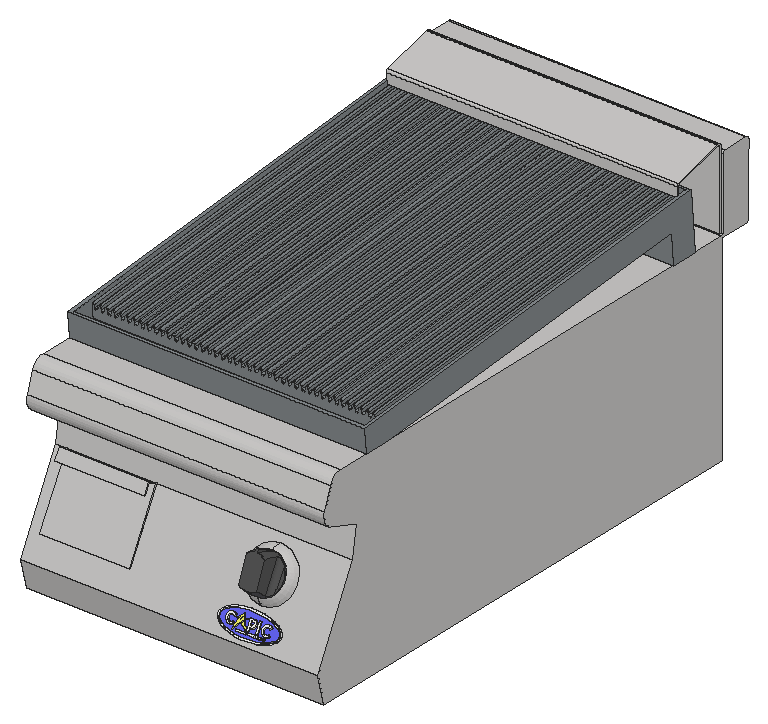
Revit family "QF_CAPIC_AVEN_W540912", category Equipement spécialisé, Revit 2018
Family settings
  Cote de connecteur circulaire = Utiliser le diamètre
  Type d'élément = Normal
  Numéro OmniClass = 23.40.40.14
  Titre OmniClass = Food Service Equipment
  Basée sur le plan de construction = Non
  Toujours verticalement = Oui
  Couper avec des vides une fois chargée = Non
  Partagée = Non
  Point de calcul de pièce = Non
Parameters (values of type "400 x 725 x 270 mm")
  URL catalogue = "http://www.capic-fr.com/fr/"
  Type de Raccord Plomberie [instance] = ""
  Type de Raccord Electrique [instance] = ""
  Type de Gaz = ""
  Type article [instance] = ""
  Tension = 0 V
  Spécification du Fabricant = ""
  Show Logo = yes
  Remarques evacuation [instance] = ""
  Remarques Plomberie [instance] = ""
  Remarques Electricité [instance] = ""
  Puissance électrique  = 0 W
  Puissance Gaz kW = 8
  Profondeur hors tout = 725 mm
  Pression Maximum Eau Adoucie = 0.0 Pa
  Poids net à vide = 54.00 kg
  Phase = 0
  Modèle = "W540912"
  Longueur hors tout = 400 mm
  Intensité nominale = 0 A
  Hauteur hors tout = 390 mm
  Hauteur de Raccordement du Sol Finis = 0 mm
  Hauteur de Raccordement Gaz du Sol Finis = 691 mm
  Hauteur de Raccordement Evacuation Directe du Sol Finis = 0 mm
  Hauteur de Raccordement Eau Froide du Sol Finis = 0 mm
  Hauteur de Raccordement Eau Chaude du Sol Finis = 0 mm
  Hauteur de Raccordement Eau Adoucie du Sol Finis = 0 mm
  Fréquence = 0 Hz
  Fabricant = "CAPIC"
  Débit d'air d'extraction = 0.0 m³/h
  Débit Gaz = 0.0 L/s
  Débit Eau Froide = 0.0 L/s
  Débit Eau Chaude = 0.0 L/s
  Débit Eau Adoucie = 0.0 L/s
  Diamètre de Raccordement Gaz = 15 mm
  Diamètre de Raccordement Evacuation = 0 mm
  Diamètre de Raccordement Eau Froide = 0 mm
  Diamètre de Raccordement Eau Chaude = 0 mm
  Diamètre de Raccordement Eau Adoucie = 0 mm
  Description = "Grill fonte nervuré"
  Assembly Code = ""
  Classification  Omniclass nombre et titre = "23.40.40.14"
Reference planes
  plane 1 "Centre (avant/arrière)": y = 0
  plane 2: z = 0
  plane 3 "Centre (gauche/droite)": x = 0
  plane 4: x = 400
Forms (mm)
  Extrusion 1, solid, material "QF_Stainless Steel-Brushed"
    sketch origin (0, -45.05, 638) x (0, 1, 0) y (0, 0, 1)
      loop
        line (1.05, 270.397) -> (-641.347, 270.397)
        arc (-641.347, 270.397) -> (-651.671, 267.142) -> (-658.261, 258.553) r 18
        line (-658.261, 258.553) -> (-667.837, 232.245)
        arc (-667.837, 232.245) -> (-667.236, 218.482) -> (-657.078, 209.174) r 18
        line (-657.078, 209.174) -> (-613.251, 193.222) -> (-619.754, 152.161) -> (-680.074, 38.717) -> (-668.972, 0) -> (0, 0) -> (0, 268.397) -> (42.05, 268.397) -> (44.05, 270.397) -> (44.05, 356.397) -> (45.05, 356.397) -> (45.05, 368.397)
        arc (45.05, 368.397) -> (43.878, 371.225) -> (41.05, 372.397) r 4
        line (41.05, 372.397) -> (7.05, 372.397)
        arc (7.05, 372.397) -> (4.222, 371.225) -> (3.05, 368.397) r 4
        line (3.05, 368.397) -> (3.05, 272.397)
        arc (3.05, 272.397) -> (2.464, 270.983) -> (1.05, 270.397) r 2
    from 0 to 400
  Extrusion 2, solid, material "QF_Cast Iron"
    sketch origin (0, 258.019, -182.231) x (0, 0.996195, 0.087156) y (0, -0.087156, 0.996195)
      loop
        line (-251.64, 1196.809) -> (-801.64, 1196.809) -> (-801.64, 1164.928) -> (-765.992, 1161.809) -> (-286.64, 1161.809) -> (-286.64, 1119.871) -> (-251.64, 1116.809) -> (-251.64, 1196.809)
    from 0 to 400
  Extrusion 3, void
    sketch origin (0, 258.019, -182.231) x (0, 0.996195, 0.087156) y (0, -0.087156, 0.996195)
      loop
        line (-255.64, 1196.809) -> (-797.64, 1196.809) -> (-797.64, 1171.809) -> (-255.64, 1171.809) -> (-255.64, 1196.809)
    from 4 to 396
  Extrusion 4, solid, material "QF_Cast Iron"
    sketch origin (0, 258.019, -182.231) x (1, 0, 0) y (0, -0.087156, 0.996195)
      loop
        line (4, 1171.809) -> (396, 1171.809) -> (396, 1191.809) -> (393, 1191.809)
        arc (393, 1191.809) -> (391.586, 1191.223) -> (391, 1189.809) r 2
        line (391, 1189.809) -> (391, 1186.809)
        arc (391, 1186.809) -> (390.414, 1185.395) -> (389, 1184.809) r 2
        line (389, 1184.809) -> (388, 1184.809)
        arc (388, 1184.809) -> (386.586, 1185.395) -> (386, 1186.809) r 2
        line (386, 1186.809) -> (386, 1189.809)
        arc (386, 1189.809) -> (385.414, 1191.223) -> (384, 1191.809) r 2
        arc (384, 1191.809) -> (382.586, 1191.223) -> (382, 1189.809) r 2
        line (382, 1189.809) -> (382, 1186.809)
        arc (382, 1186.809) -> (381.414, 1185.395) -> (380, 1184.809) r 2
        line (380, 1184.809) -> (379, 1184.809)
        arc (379, 1184.809) -> (377.586, 1185.395) -> (377, 1186.809) r 2
        line (377, 1186.809) -> (377, 1189.809)
        arc (377, 1189.809) -> (376.414, 1191.223) -> (375, 1191.809) r 2
        arc (375, 1191.809) -> (373.586, 1191.223) -> (373, 1189.809) r 2
        line (373, 1189.809) -> (373, 1186.809)
        arc (373, 1186.809) -> (372.414, 1185.395) -> (371, 1184.809) r 2
        line (371, 1184.809) -> (370, 1184.809)
        arc (370, 1184.809) -> (368.586, 1185.395) -> (368, 1186.809) r 2
        line (368, 1186.809) -> (368, 1189.809)
        arc (368, 1189.809) -> (367.414, 1191.223) -> (366, 1191.809) r 2
        arc (366, 1191.809) -> (364.586, 1191.223) -> (364, 1189.809) r 2
        line (364, 1189.809) -> (364, 1186.809)
        arc (364, 1186.809) -> (363.414, 1185.395) -> (362, 1184.809) r 2
        line (362, 1184.809) -> (361, 1184.809)
        arc (361, 1184.809) -> (359.586, 1185.395) -> (359, 1186.809) r 2
        line (359, 1186.809) -> (359, 1189.809)
        arc (359, 1189.809) -> (358.414, 1191.223) -> (357, 1191.809) r 2
        arc (357, 1191.809) -> (355.586, 1191.223) -> (355, 1189.809) r 2
        line (355, 1189.809) -> (355, 1186.809)
        arc (355, 1186.809) -> (354.414, 1185.395) -> (353, 1184.809) r 2
        line (353, 1184.809) -> (352, 1184.809)
        arc (352, 1184.809) -> (350.586, 1185.395) -> (350, 1186.809) r 2
        line (350, 1186.809) -> (350, 1189.809)
        arc (350, 1189.809) -> (349.414, 1191.223) -> (348, 1191.809) r 2
        arc (348, 1191.809) -> (346.586, 1191.223) -> (346, 1189.809) r 2
        line (346, 1189.809) -> (346, 1186.809)
        arc (346, 1186.809) -> (345.414, 1185.395) -> (344, 1184.809) r 2
        line (344, 1184.809) -> (343, 1184.809)
        arc (343, 1184.809) -> (341.586, 1185.395) -> (341, 1186.809) r 2
        line (341, 1186.809) -> (341, 1189.809)
        arc (341, 1189.809) -> (340.414, 1191.223) -> (339, 1191.809) r 2
        arc (339, 1191.809) -> (337.586, 1191.223) -> (337, 1189.809) r 2
        line (337, 1189.809) -> (337, 1186.809)
        arc (337, 1186.809) -> (336.414, 1185.395) -> (335, 1184.809) r 2
        line (335, 1184.809) -> (334, 1184.809)
        arc (334, 1184.809) -> (332.586, 1185.395) -> (332, 1186.809) r 2
        line (332, 1186.809) -> (332, 1189.809)
        arc (332, 1189.809) -> (331.414, 1191.223) -> (330, 1191.809) r 2
        arc (330, 1191.809) -> (328.586, 1191.223) -> (328, 1189.809) r 2
        line (328, 1189.809) -> (328, 1186.809)
        arc (328, 1186.809) -> (327.414, 1185.395) -> (326, 1184.809) r 2
        line (326, 1184.809) -> (325, 1184.809)
        arc (325, 1184.809) -> (323.586, 1185.395) -> (323, 1186.809) r 2
        line (323, 1186.809) -> (323, 1189.809)
        arc (323, 1189.809) -> (322.414, 1191.223) -> (321, 1191.809) r 2
        arc (321, 1191.809) -> (319.586, 1191.223) -> (319, 1189.809) r 2
        line (319, 1189.809) -> (319, 1186.809)
        arc (319, 1186.809) -> (318.414, 1185.395) -> (317, 1184.809) r 2
        line (317, 1184.809) -> (316, 1184.809)
        arc (316, 1184.809) -> (314.586, 1185.395) -> (314, 1186.809) r 2
        line (314, 1186.809) -> (314, 1189.809)
        arc (314, 1189.809) -> (313.414, 1191.223) -> (312, 1191.809) r 2
        arc (312, 1191.809) -> (310.586, 1191.223) -> (310, 1189.809) r 2
        line (310, 1189.809) -> (310, 1186.809)
        arc (310, 1186.809) -> (309.414, 1185.395) -> (308, 1184.809) r 2
        line (308, 1184.809) -> (307, 1184.809)
        arc (307, 1184.809) -> (305.586, 1185.395) -> (305, 1186.809) r 2
        line (305, 1186.809) -> (305, 1189.809)
        arc (305, 1189.809) -> (304.414, 1191.223) -> (303, 1191.809) r 2
        arc (303, 1191.809) -> (301.586, 1191.223) -> (301, 1189.809) r 2
        line (301, 1189.809) -> (301, 1186.809)
        arc (301, 1186.809) -> (300.414, 1185.395) -> (299, 1184.809) r 2
        line (299, 1184.809) -> (298, 1184.809)
        arc (298, 1184.809) -> (296.586, 1185.395) -> (296, 1186.809) r 2
        line (296, 1186.809) -> (296, 1189.809)
        arc (296, 1189.809) -> (295.414, 1191.223) -> (294, 1191.809) r 2
        arc (294, 1191.809) -> (292.586, 1191.223) -> (292, 1189.809) r 2
        line (292, 1189.809) -> (292, 1186.809)
        arc (292, 1186.809) -> (291.414, 1185.395) -> (290, 1184.809) r 2
        line (290, 1184.809) -> (289, 1184.809)
        arc (289, 1184.809) -> (287.586, 1185.395) -> (287, 1186.809) r 2
        line (287, 1186.809) -> (287, 1189.809)
        arc (287, 1189.809) -> (286.414, 1191.223) -> (285, 1191.809) r 2
        arc (285, 1191.809) -> (283.586, 1191.223) -> (283, 1189.809) r 2
        line (283, 1189.809) -> (283, 1186.809)
        arc (283, 1186.809) -> (282.414, 1185.395) -> (281, 1184.809) r 2
        line (281, 1184.809) -> (280, 1184.809)
        arc (280, 1184.809) -> (278.586, 1185.395) -> (278, 1186.809) r 2
        line (278, 1186.809) -> (278, 1189.809)
        arc (278, 1189.809) -> (277.414, 1191.223) -> (276, 1191.809) r 2
        arc (276, 1191.809) -> (274.586, 1191.223) -> (274, 1189.809) r 2
        line (274, 1189.809) -> (274, 1186.809)
        arc (274, 1186.809) -> (273.414, 1185.395) -> (272, 1184.809) r 2
        line (272, 1184.809) -> (271, 1184.809)
        arc (271, 1184.809) -> (269.586, 1185.395) -> (269, 1186.809) r 2
        line (269, 1186.809) -> (269, 1189.809)
        arc (269, 1189.809) -> (268.414, 1191.223) -> (267, 1191.809) r 2
        arc (267, 1191.809) -> (265.586, 1191.223) -> (265, 1189.809) r 2
        line (265, 1189.809) -> (265, 1186.809)
        arc (265, 1186.809) -> (264.414, 1185.395) -> (263, 1184.809) r 2
        line (263, 1184.809) -> (262, 1184.809)
        arc (262, 1184.809) -> (260.586, 1185.395) -> (260, 1186.809) r 2
        line (260, 1186.809) -> (260, 1189.809)
        arc (260, 1189.809) -> (259.414, 1191.223) -> (258, 1191.809) r 2
        arc (258, 1191.809) -> (256.586, 1191.223) -> (256, 1189.809) r 2
        line (256, 1189.809) -> (256, 1186.809)
        arc (256, 1186.809) -> (255.414, 1185.395) -> (254, 1184.809) r 2
        line (254, 1184.809) -> (253, 1184.809)
        arc (253, 1184.809) -> (251.586, 1185.395) -> (251, 1186.809) r 2
        line (251, 1186.809) -> (251, 1189.809)
        arc (251, 1189.809) -> (250.414, 1191.223) -> (249, 1191.809) r 2
        arc (249, 1191.809) -> (247.586, 1191.223) -> (247, 1189.809) r 2
        line (247, 1189.809) -> (247, 1186.809)
        arc (247, 1186.809) -> (246.414, 1185.395) -> (245, 1184.809) r 2
        line (245, 1184.809) -> (244, 1184.809)
        arc (244, 1184.809) -> (242.586, 1185.395) -> (242, 1186.809) r 2
        line (242, 1186.809) -> (242, 1189.809)
        arc (242, 1189.809) -> (241.414, 1191.223) -> (240, 1191.809) r 2
        arc (240, 1191.809) -> (238.586, 1191.223) -> (238, 1189.809) r 2
        line (238, 1189.809) -> (238, 1186.809)
        arc (238, 1186.809) -> (237.414, 1185.395) -> (236, 1184.809) r 2
        line (236, 1184.809) -> (235, 1184.809)
        arc (235, 1184.809) -> (233.586, 1185.395) -> (233, 1186.809) r 2
        line (233, 1186.809) -> (233, 1189.809)
        arc (233, 1189.809) -> (232.414, 1191.223) -> (231, 1191.809) r 2
        arc (231, 1191.809) -> (229.586, 1191.223) -> (229, 1189.809) r 2
        line (229, 1189.809) -> (229, 1186.809)
        arc (229, 1186.809) -> (228.414, 1185.395) -> (227, 1184.809) r 2
        line (227, 1184.809) -> (226, 1184.809)
        arc (226, 1184.809) -> (224.586, 1185.395) -> (224, 1186.809) r 2
        line (224, 1186.809) -> (224, 1189.809)
        arc (224, 1189.809) -> (223.414, 1191.223) -> (222, 1191.809) r 2
        arc (222, 1191.809) -> (220.586, 1191.223) -> (220, 1189.809) r 2
        line (220, 1189.809) -> (220, 1186.809)
        arc (220, 1186.809) -> (219.414, 1185.395) -> (218, 1184.809) r 2
        line (218, 1184.809) -> (217, 1184.809)
        arc (217, 1184.809) -> (215.586, 1185.395) -> (215, 1186.809) r 2
        line (215, 1186.809) -> (215, 1189.809)
        arc (215, 1189.809) -> (214.414, 1191.223) -> (213, 1191.809) r 2
        arc (213, 1191.809) -> (211.586, 1191.223) -> (211, 1189.809) r 2
        line (211, 1189.809) -> (211, 1186.809)
        arc (211, 1186.809) -> (210.414, 1185.395) -> (209, 1184.809) r 2
        line (209, 1184.809) -> (208, 1184.809)
        arc (208, 1184.809) -> (206.586, 1185.395) -> (206, 1186.809) r 2
        line (206, 1186.809) -> (206, 1189.809)
        arc (206, 1189.809) -> (205.414, 1191.223) -> (204, 1191.809) r 2
        arc (204, 1191.809) -> (202.586, 1191.223) -> (202, 1189.809) r 2
        line (202, 1189.809) -> (202, 1186.809)
        arc (202, 1186.809) -> (201.414, 1185.395) -> (200, 1184.809) r 2
        line (200, 1184.809) -> (199, 1184.809)
        arc (199, 1184.809) -> (197.586, 1185.395) -> (197, 1186.809) r 2
        line (197, 1186.809) -> (197, 1189.809)
        arc (197, 1189.809) -> (196.414, 1191.223) -> (195, 1191.809) r 2
        arc (195, 1191.809) -> (193.586, 1191.223) -> (193, 1189.809) r 2
        line (193, 1189.809) -> (193, 1186.809)
        arc (193, 1186.809) -> (192.414, 1185.395) -> (191, 1184.809) r 2
        line (191, 1184.809) -> (190, 1184.809)
        arc (190, 1184.809) -> (188.586, 1185.395) -> (188, 1186.809) r 2
        line (188, 1186.809) -> (188, 1189.809)
        arc (188, 1189.809) -> (187.414, 1191.223) -> (186, 1191.809) r 2
        arc (186, 1191.809) -> (184.586, 1191.223) -> (184, 1189.809) r 2
        line (184, 1189.809) -> (184, 1186.809)
        arc (184, 1186.809) -> (183.414, 1185.395) -> (182, 1184.809) r 2
        line (182, 1184.809) -> (181, 1184.809)
        arc (181, 1184.809) -> (179.586, 1185.395) -> (179, 1186.809) r 2
        line (179, 1186.809) -> (179, 1189.809)
        arc (179, 1189.809) -> (178.414, 1191.223) -> (177, 1191.809) r 2
        arc (177, 1191.809) -> (175.586, 1191.223) -> (175, 1189.809) r 2
        line (175, 1189.809) -> (175, 1186.809)
        arc (175, 1186.809) -> (174.414, 1185.395) -> (173, 1184.809) r 2
        line (173, 1184.809) -> (172, 1184.809)
        arc (172, 1184.809) -> (170.586, 1185.395) -> (170, 1186.809) r 2
        line (170, 1186.809) -> (170, 1189.809)
        arc (170, 1189.809) -> (169.414, 1191.223) -> (168, 1191.809) r 2
        arc (168, 1191.809) -> (166.586, 1191.223) -> (166, 1189.809) r 2
        line (166, 1189.809) -> (166, 1186.809)
        arc (166, 1186.809) -> (165.414, 1185.395) -> (164, 1184.809) r 2
        line (164, 1184.809) -> (163, 1184.809)
        arc (163, 1184.809) -> (161.586, 1185.395) -> (161, 1186.809) r 2
        line (161, 1186.809) -> (161, 1189.809)
        arc (161, 1189.809) -> (160.414, 1191.223) -> (159, 1191.809) r 2
        arc (159, 1191.809) -> (157.586, 1191.223) -> (157, 1189.809) r 2
        line (157, 1189.809) -> (157, 1186.809)
        arc (157, 1186.809) -> (156.414, 1185.395) -> (155, 1184.809) r 2
        line (155, 1184.809) -> (154, 1184.809)
        arc (154, 1184.809) -> (152.586, 1185.395) -> (152, 1186.809) r 2
        line (152, 1186.809) -> (152, 1189.809)
        arc (152, 1189.809) -> (151.414, 1191.223) -> (150, 1191.809) r 2
        arc (150, 1191.809) -> (148.586, 1191.223) -> (148, 1189.809) r 2
        line (148, 1189.809) -> (148, 1186.809)
        arc (148, 1186.809) -> (147.414, 1185.395) -> (146, 1184.809) r 2
        line (146, 1184.809) -> (145, 1184.809)
        arc (145, 1184.809) -> (143.586, 1185.395) -> (143, 1186.809) r 2
        line (143, 1186.809) -> (143, 1189.809)
        arc (143, 1189.809) -> (142.414, 1191.223) -> (141, 1191.809) r 2
        arc (141, 1191.809) -> (139.586, 1191.223) -> (139, 1189.809) r 2
        line (139, 1189.809) -> (139, 1186.809)
        arc (139, 1186.809) -> (138.414, 1185.395) -> (137, 1184.809) r 2
        line (137, 1184.809) -> (136, 1184.809)
        arc (136, 1184.809) -> (134.586, 1185.395) -> (134, 1186.809) r 2
        line (134, 1186.809) -> (134, 1189.809)
        arc (134, 1189.809) -> (133.414, 1191.223) -> (132, 1191.809) r 2
        arc (132, 1191.809) -> (130.586, 1191.223) -> (130, 1189.809) r 2
        line (130, 1189.809) -> (130, 1186.809)
        arc (130, 1186.809) -> (129.414, 1185.395) -> (128, 1184.809) r 2
        line (128, 1184.809) -> (127, 1184.809)
        arc (127, 1184.809) -> (125.586, 1185.395) -> (125, 1186.809) r 2
        line (125, 1186.809) -> (125, 1189.809)
        arc (125, 1189.809) -> (124.414, 1191.223) -> (123, 1191.809) r 2
        arc (123, 1191.809) -> (121.586, 1191.223) -> (121, 1189.809) r 2
        line (121, 1189.809) -> (121, 1186.809)
        arc (121, 1186.809) -> (120.414, 1185.395) -> (119, 1184.809) r 2
        line (119, 1184.809) -> (118, 1184.809)
        arc (118, 1184.809) -> (116.586, 1185.395) -> (116, 1186.809) r 2
        line (116, 1186.809) -> (116, 1189.809)
        arc (116, 1189.809) -> (115.414, 1191.223) -> (114, 1191.809) r 2
        arc (114, 1191.809) -> (112.586, 1191.223) -> (112, 1189.809) r 2
        line (112, 1189.809) -> (112, 1186.809)
        arc (112, 1186.809) -> (111.414, 1185.395) -> (110, 1184.809) r 2
        line (110, 1184.809) -> (109, 1184.809)
        arc (109, 1184.809) -> (107.586, 1185.395) -> (107, 1186.809) r 2
        line (107, 1186.809) -> (107, 1189.809)
        arc (107, 1189.809) -> (106.414, 1191.223) -> (105, 1191.809) r 2
        arc (105, 1191.809) -> (103.586, 1191.223) -> (103, 1189.809) r 2
        line (103, 1189.809) -> (103, 1186.809)
        arc (103, 1186.809) -> (102.414, 1185.395) -> (101, 1184.809) r 2
        line (101, 1184.809) -> (100, 1184.809)
        arc (100, 1184.809) -> (98.586, 1185.395) -> (98, 1186.809) r 2
        line (98, 1186.809) -> (98, 1189.809)
        arc (98, 1189.809) -> (97.414, 1191.223) -> (96, 1191.809) r 2
        arc (96, 1191.809) -> (94.586, 1191.223) -> (94, 1189.809) r 2
        line (94, 1189.809) -> (94, 1186.809)
        arc (94, 1186.809) -> (93.414, 1185.395) -> (92, 1184.809) r 2
        line (92, 1184.809) -> (91, 1184.809)
        arc (91, 1184.809) -> (89.586, 1185.395) -> (89, 1186.809) r 2
        line (89, 1186.809) -> (89, 1189.809)
        arc (89, 1189.809) -> (88.414, 1191.223) -> (87, 1191.809) r 2
        arc (87, 1191.809) -> (85.586, 1191.223) -> (85, 1189.809) r 2
        line (85, 1189.809) -> (85, 1186.809)
        arc (85, 1186.809) -> (84.414, 1185.395) -> (83, 1184.809) r 2
        line (83, 1184.809) -> (82, 1184.809)
        arc (82, 1184.809) -> (80.586, 1185.395) -> (80, 1186.809) r 2
        line (80, 1186.809) -> (80, 1189.809)
        arc (80, 1189.809) -> (79.414, 1191.223) -> (78, 1191.809) r 2
        arc (78, 1191.809) -> (76.586, 1191.223) -> (76, 1189.809) r 2
        line (76, 1189.809) -> (76, 1186.809)
        arc (76, 1186.809) -> (75.414, 1185.395) -> (74, 1184.809) r 2
        line (74, 1184.809) -> (73, 1184.809)
        arc (73, 1184.809) -> (71.586, 1185.395) -> (71, 1186.809) r 2
        line (71, 1186.809) -> (71, 1189.809)
        arc (71, 1189.809) -> (70.414, 1191.223) -> (69, 1191.809) r 2
        arc (69, 1191.809) -> (67.586, 1191.223) -> (67, 1189.809) r 2
        line (67, 1189.809) -> (67, 1186.809)
        arc (67, 1186.809) -> (66.414, 1185.395) -> (65, 1184.809) r 2
        line (65, 1184.809) -> (64, 1184.809)
        arc (64, 1184.809) -> (62.586, 1185.395) -> (62, 1186.809) r 2
        line (62, 1186.809) -> (62, 1189.809)
        arc (62, 1189.809) -> (61.414, 1191.223) -> (60, 1191.809) r 2
        arc (60, 1191.809) -> (58.586, 1191.223) -> (58, 1189.809) r 2
        line (58, 1189.809) -> (58, 1186.809)
        arc (58, 1186.809) -> (57.414, 1185.395) -> (56, 1184.809) r 2
        line (56, 1184.809) -> (55, 1184.809)
        arc (55, 1184.809) -> (53.586, 1185.395) -> (53, 1186.809) r 2
        line (53, 1186.809) -> (53, 1189.809)
        arc (53, 1189.809) -> (52.414, 1191.223) -> (51, 1191.809) r 2
        arc (51, 1191.809) -> (49.586, 1191.223) -> (49, 1189.809) r 2
        line (49, 1189.809) -> (49, 1186.809)
        arc (49, 1186.809) -> (48.414, 1185.395) -> (47, 1184.809) r 2
        line (47, 1184.809) -> (46, 1184.809)
        arc (46, 1184.809) -> (44.586, 1185.395) -> (44, 1186.809) r 2
        line (44, 1186.809) -> (44, 1189.809)
        arc (44, 1189.809) -> (43.414, 1191.223) -> (42, 1191.809) r 2
        arc (42, 1191.809) -> (40.586, 1191.223) -> (40, 1189.809) r 2
        line (40, 1189.809) -> (40, 1186.809)
        arc (40, 1186.809) -> (39.414, 1185.395) -> (38, 1184.809) r 2
        line (38, 1184.809) -> (37, 1184.809)
        arc (37, 1184.809) -> (35.586, 1185.395) -> (35, 1186.809) r 2
        line (35, 1186.809) -> (35, 1189.809)
        arc (35, 1189.809) -> (34.414, 1191.223) -> (33, 1191.809) r 2
        arc (33, 1191.809) -> (31.586, 1191.223) -> (31, 1189.809) r 2
        line (31, 1189.809) -> (31, 1186.809)
        arc (31, 1186.809) -> (30.414, 1185.395) -> (29, 1184.809) r 2
        line (29, 1184.809) -> (28, 1184.809)
        arc (28, 1184.809) -> (26.586, 1185.395) -> (26, 1186.809) r 2
        line (26, 1186.809) -> (26, 1189.809)
        arc (26, 1189.809) -> (25.414, 1191.223) -> (24, 1191.809) r 2
        arc (24, 1191.809) -> (22.586, 1191.223) -> (22, 1189.809) r 2
        line (22, 1189.809) -> (22, 1186.809)
        arc (22, 1186.809) -> (21.414, 1185.395) -> (20, 1184.809) r 2
        line (20, 1184.809) -> (19, 1184.809)
        arc (19, 1184.809) -> (17.586, 1185.395) -> (17, 1186.809) r 2
        line (17, 1186.809) -> (17, 1189.809)
        arc (17, 1189.809) -> (16.414, 1191.223) -> (15, 1191.809) r 2
        arc (15, 1191.809) -> (13.586, 1191.223) -> (13, 1189.809) r 2
        line (13, 1189.809) -> (13, 1186.809)
        arc (13, 1186.809) -> (12.414, 1185.395) -> (11, 1184.809) r 2
        line (11, 1184.809) -> (10, 1184.809)
        arc (10, 1184.809) -> (8.586, 1185.395) -> (8, 1186.809) r 2
        line (8, 1186.809) -> (8, 1189.809)
        arc (8, 1189.809) -> (7.414, 1191.223) -> (6, 1191.809) r 2
        line (6, 1191.809) -> (4, 1191.809) -> (4, 1171.809)
    from 255.64 to 767.481
  Extrusion 5, solid, material "QF_Stainless Steel-Brushed"
    sketch origin (0, 0, 0) x (0, 1, 0) y (0, 0, 1)
      loop
        line (-664.804, 790.161) -> (-678.048, 797.204) -> (-685.091, 783.959) -> (-684.208, 783.49) -> (-677.635, 795.851) -> (-666.157, 789.748) -> (-710.287, 706.751) -> (-709.404, 706.281) -> (-664.804, 790.161)
    from 15 to 135
  Extrusion 6, solid, material "QF_Stainless Steel-Brushed"
    sketch origin (0, 12.118, -115.316) x (0, 1, 0) y (0, 0, 1)
      loop
        line (-54.118, 1024.543) -> (-54.118, 1130.633)
        arc (-54.118, 1130.633) -> (-55.292, 1133.013) -> (-57.895, 1133.531) r 3
        line (-57.895, 1133.531) -> (-123.895, 1115.846)
        arc (-123.895, 1115.846) -> (-125.498, 1114.775) -> (-126.118, 1112.948) r 3
        line (-126.118, 1112.948) -> (-126.118, 1099.543) -> (-125.118, 1099.543) -> (-125.118, 1112.948)
        arc (-125.118, 1112.948) -> (-124.705, 1114.166) -> (-123.636, 1114.88) r 2
        line (-123.636, 1114.88) -> (-57.636, 1132.565)
        arc (-57.636, 1132.565) -> (-55.901, 1132.22) -> (-55.118, 1130.633) r 2
        line (-55.118, 1130.633) -> (-55.118, 1024.543) -> (-54.118, 1024.543)
    from 4 to 396
Cuts and joins
  Extrusion 3 cuts Extrusion 2
Dimensions and locks
  "Longueur hors tout": plane 3 "Centre (gauche/droite)" to plane 4
  aligned and locked: level to plane 2
  aligned and locked: plane 4 to Extrusion 1
  aligned and locked: Extrusion 1 to plane 3 "Centre (gauche/droite)"
Automatic sketch dimensions
  level to Extrusion 1 sketch curve = 638 mm
  plane 1 "Centre (avant/arrière)" to Extrusion 1 sketch curve = 45.05 mm
  level to Extrusion 1 sketch curve = 831.222 mm
  plane 1 "Centre (avant/arrière)" to Extrusion 1 sketch curve = 658.301 mm
  level to Extrusion 1 sketch curve = 790.161 mm
  Extrusion 1 sketch curve to Extrusion 1 sketch curve = 6.503 mm
  Extrusion 1 sketch curve to Extrusion 1 sketch curve = 28.096 mm
  Extrusion 1 sketch curve to Extrusion 1 sketch curve = 9.575 mm
  level to Extrusion 1 sketch curve = 847.174 mm
  Extrusion 1 sketch curve to Extrusion 1 sketch curve = 6.156 mm  (x2)
  level to Extrusion 1 sketch curve = 896.553 mm
  Extrusion 1 sketch curve to Extrusion 1 sketch curve = 16.914 mm  (x2)
  level to Extrusion 1 sketch curve = 870.245 mm
  Extrusion 1 sketch curve to Extrusion 1 sketch curve = 49.218 mm
  level to Extrusion 1 sketch curve = 676.717 mm
  Extrusion 1 sketch curve to Extrusion 1 sketch curve = 11.102 mm
  plane 1 "Centre (avant/arrière)" to Extrusion 1 sketch curve = 44 mm
  plane 1 "Centre (avant/arrière)" to Extrusion 1 sketch curve = 42 mm
  Extrusion 1 sketch curve to Extrusion 1 sketch curve = 4 mm  (x2)
  Extrusion 1 sketch curve to Extrusion 1 sketch curve = 34 mm
  Extrusion 1 sketch curve to Extrusion 1 sketch curve = 39 mm
  Extrusion 1 sketch curve to Extrusion 1 sketch curve = 3 mm
  Extrusion 1 sketch curve to Extrusion 1 sketch curve = 1 mm
  Extrusion 1 sketch curve to Extrusion 1 sketch curve = 2 mm
  Extrusion 1 sketch curve to Extrusion 1 sketch curve = 86 mm
  Extrusion 1 sketch curve to Extrusion 1 sketch curve = 12 mm
  plane 1 "Centre (avant/arrière)" to Extrusion 2 sketch curve = 642.101 mm
  level to Extrusion 2 sketch curve = 908.397 mm
  Extrusion 2 sketch curve to Extrusion 2 sketch curve = 35.648 mm
  Extrusion 2 sketch curve to Extrusion 2 sketch curve = 479.352 mm
  Extrusion 2 sketch curve to Extrusion 2 sketch curve = 35 mm  (x2)
  Extrusion 2 sketch curve to Extrusion 2 sketch curve = 3.119 mm
  Extrusion 2 sketch curve to Extrusion 2 sketch curve = 41.938 mm
  Extrusion 2 sketch curve to Extrusion 2 sketch curve = 3.062 mm
  plane 1 "Centre (avant/arrière)" to Extrusion 3 sketch curve = 640.895 mm
  level to Extrusion 3 sketch curve = 940.505 mm
  Extrusion 3 sketch curve to Extrusion 3 sketch curve = 542 mm
  Extrusion 3 sketch curve to Extrusion 3 sketch curve = 25 mm
  Extrusion 4 sketch curve to Extrusion 4 sketch curve = 0 mm  (x84)
  plane 3 "Centre (gauche/droite)" to Extrusion 4 sketch curve = 4 mm
  Extrusion 4 sketch curve to Extrusion 4 sketch curve = 2 mm  (x171)
  Extrusion 4 sketch curve to Extrusion 4 sketch curve = 1 mm  (x43)
  Extrusion 4 sketch curve to plane 4 = 4 mm
  Extrusion 4 sketch curve to Extrusion 4 sketch curve = 13 mm  (x3)
  Extrusion 4 sketch curve to Extrusion 4 sketch curve = 3 mm  (x44)
  plane 1 "Centre (avant/arrière)" to Extrusion 5 sketch curve = 710.287 mm
  Extrusion 5 sketch curve to Extrusion 5 sketch curve = 11.892 mm
  Extrusion 5 sketch curve to Extrusion 5 sketch curve = 0.469 mm  (x2)
  Extrusion 5 sketch curve to Extrusion 5 sketch curve = 26.079 mm
  Extrusion 5 sketch curve to Extrusion 5 sketch curve = 0.413 mm
  Extrusion 5 sketch curve to Extrusion 5 sketch curve = 7.456 mm
  level to Extrusion 5 sketch curve = 706.281 mm
  Extrusion 5 sketch curve to Extrusion 5 sketch curve = 0.883 mm
  Extrusion 6 sketch curve to Extrusion 6 sketch curve = 0 mm  (x4)
  plane 1 "Centre (avant/arrière)" to Extrusion 6 sketch curve = 114 mm
  Extrusion 6 sketch curve to Extrusion 6 sketch curve = 1.224 mm
  Extrusion 6 sketch curve to Extrusion 6 sketch curve = 0.259 mm  (x2)
  Extrusion 6 sketch curve to Extrusion 6 sketch curve = 2 mm
  plane 1 "Centre (avant/arrière)" to Extrusion 6 sketch curve = 45.776 mm
  Extrusion 6 sketch curve to Extrusion 6 sketch curve = 0.518 mm
  plane 1 "Centre (avant/arrière)" to Extrusion 6 sketch curve = 43 mm
  Extrusion 6 sketch curve to Extrusion 6 sketch curve = 1 mm
  level to Extrusion 6 sketch curve = 909.227 mm
  Extrusion 6 sketch curve to Extrusion 6 sketch curve = 75 mm
  Extrusion 6 sketch curve to Extrusion 6 sketch curve = 13.406 mm
  Extrusion 6 sketch curve to Extrusion 6 sketch curve = 0.966 mm
  Extrusion 6 sketch curve to Extrusion 6 sketch curve = 17.685 mm
Nested families
  nested 1: "QF_Details_LogoCapic" at (300, -713.73, 698.145) x (1, 0, 0) z (0, -0.8829, 0.4695), visible <- "Show Logo", type "QF_Details_LogoCapic"
  nested 2: "QF_Details_BoutonCde_face" at (310, -685.811, 750.653) x (1, 0, 0) z (0, -0.8829, 0.4695), type "QF_Details_BoutonCde_face"
Definition of nested family "QF_Details_LogoCapic"
  Parameters (values of type "QF_Details_LogoCapic")
    Default Elevation = 1219.2 mm
  Reference planes
    plane 1 "Centre (avant/arrière)": y = 0
    plane 2: z = 0
    plane 3 "Centre (gauche/droite)": x = 0
  Forms (mm)
    Extrusion 1, solid
      sketch origin (0, 0, 0) x (1, 0, 0) y (0, 1, 0)
        loop
          line (-1219.2, 1219.2) -> (-1219.2, -1219.2) -> (1219.2, -1219.2) -> (1219.2, 1219.2) -> (-1219.2, 1219.2)
      from 0 to -304.8
    Extrusion 2, solid
      sketch origin (0, 0, 0) x (1, 0, 0) y (0, 1, 0)
        loop
          spline (42.486, 0) -> (41.038, 4.53) -> (36.793, 8.751) -> (30.041, 12.376) -> (21.24, 15.157) -> (10.992, 16.906) -> (-0.005, 17.502) -> (-11.003, 16.906) -> (-21.251, 15.157) -> (-30.051, 12.376) -> (-36.804, 8.751) -> (-41.048, 4.53) -> (-42.496, 0)
          spline (-42.496, 0) -> (-41.048, -4.53) -> (-36.804, -8.751) -> (-30.051, -12.376) -> (-21.251, -15.157) -> (-11.003, -16.906) -> (-0.005, -17.502) -> (10.992, -16.906) -> (21.24, -15.157) -> (30.041, -12.376) -> (36.793, -8.751) -> (41.038, -4.53) -> (42.486, 0)
        loop
          spline (40.459, 0) -> (39.08, 4.005) -> (35.038, 7.737) -> (28.607, 10.942) -> (20.227, 13.401) -> (10.468, 14.947) -> (-0.005, 15.474) -> (-10.478, 14.947) -> (-20.237, 13.401) -> (-28.618, 10.942) -> (-35.048, 7.737) -> (-39.091, 4.005) -> (-40.47, 0)
          spline (-40.47, 0) -> (-39.091, -4.005) -> (-35.048, -7.737) -> (-28.618, -10.942) -> (-20.237, -13.401) -> (-10.478, -14.947) -> (-0.005, -15.474) -> (10.468, -14.947) -> (20.227, -13.401) -> (28.607, -10.942) -> (35.038, -7.737) -> (39.08, -4.005) -> (40.459, 0)
      from 0 to 1
    Extrusion 3, solid
      sketch origin (0, 0, 0) x (1, 0, 0) y (0, 1, 0)
        loop
          spline (-40.47, 0) -> (-39.085, -4.012) -> (-35.047, -7.734) -> (-28.617, -10.941) -> (-20.237, -13.401) -> (-10.478, -14.946) -> (-0.005, -15.474) -> (10.468, -14.947) -> (20.227, -13.401) -> (28.606, -10.942) -> (35.038, -7.737) -> (39.081, -4.004) -> (40.459, 0)
          spline (40.459, 0) -> (39.075, 4.012) -> (35.037, 7.734) -> (28.607, 10.941) -> (20.227, 13.401) -> (10.467, 14.946) -> (-0.005, 15.474) -> (-10.478, 14.947) -> (-20.237, 13.401) -> (-28.617, 10.942) -> (-35.048, 7.737) -> (-39.091, 4.004) -> (-40.47, 0)
      from 0 to 1
    Extrusion 4, solid
      sketch origin (0, 0, 0.5) x (1, 0, 0) y (0, 1, 0)
        loop
          line (-20.944, 3.897) -> (-18.992, 5.849)
          arc (-18.992, 5.849) -> (-30.967, 0.712) -> (-18.902, -4.211) r 7.063
          line (-18.902, -4.211) -> (-20.854, -2.259)
          arc (-20.854, -2.259) -> (-28.207, 0.712) -> (-20.944, 3.897) r 4.303
      from 0 to 1
    Extrusion 5, solid
      sketch origin (0, 0, 0.5) x (1, 0, 0) y (0, 1, 0)
        loop
          line (-1.061, 7.837) -> (-1.061, -6.288) -> (1.738, -6.288) -> (1.738, -2.065) -> (4.782, -2.065)
          spline (4.782, -2.065) -> (5.836, -1.896) -> (6.819, -1.402) -> (7.663, -0.615) -> (8.311, 0.411) -> (8.718, 1.605) -> (8.856, 2.886) -> (8.718, 4.168) -> (8.311, 5.362) -> (7.663, 6.387) -> (6.819, 7.174) -> (5.836, 7.669) -> (4.782, 7.837)
          line (4.782, 7.837) -> (-1.061, 7.837)
        loop
          line (1.738, 5.077) -> (1.738, 0.775) -> (4.418, 0.775)
          spline (4.418, 0.775) -> (4.819, 0.848) -> (5.193, 1.063) -> (5.514, 1.405) -> (5.761, 1.85) -> (5.916, 2.369) -> (5.969, 2.926) -> (5.916, 3.483) -> (5.761, 4.002) -> (5.514, 4.447) -> (5.193, 4.789) -> (4.819, 5.004) -> (4.418, 5.077)
          line (4.418, 5.077) -> (1.738, 5.077)
      from 0 to 1
    Extrusion 6, solid
      sketch origin (0, 0, 0.5) x (1, 0, 0) y (0, 1, 0)
        loop
          line (11.122, 7.837) -> (11.122, -6.288) -> (14.009, -6.288) -> (14.009, 7.837) -> (11.122, 7.837)
      from 0 to 1
    Extrusion 7, solid
      sketch origin (47.835, 0, 0.5) x (1, 0, 0) y (0, 1, 0)
        loop
          line (-20.944, 3.897) -> (-18.992, 5.849)
          arc (-18.992, 5.849) -> (-30.967, 0.712) -> (-18.902, -4.211) r 7.063
          line (-18.902, -4.211) -> (-20.854, -2.259)
          arc (-20.854, -2.259) -> (-28.207, 0.712) -> (-20.944, 3.897) r 4.303
      from 0 to 1
    Extrusion 8, solid
      sketch origin (0, 0, 0.5) x (1, 0, 0) y (0, 1, 0)
        loop
          line (-14.086, -8.467) -> (-14.086, -10.703) -> (-0.382, -10.703) -> (-0.382, -8.467) -> (-14.086, -8.467)
        loop
          line (1.692, -7.694) -> (1.692, -10.703) -> (10.598, -10.703) -> (10.598, -7.694) -> (1.692, -7.694)
        loop
          circle (14.095, -9.117) r 1.311
        loop
          circle (18.365, -9.117) r 1.311
        loop
          circle (22.635, -9.117) r 1.311
      from 0 to 1
    Extrusion 9, solid
      sketch origin (0, 0, 0.5) x (1, 0, 0) y (0, 1, 0)
        loop
          arc (-10.078, 10.027) -> (-16.152, 0.742) -> (-18.987, -9.985) r 34.734
          arc (-18.987, -9.985) -> (-13.545, -2.96) -> (-7.054, 3.109) r 55.667
          line (-7.054, 3.109) -> (-10.078, 10.027)
        loop
          line (-10.891, 5.813) -> (-12.476, 3.068) -> (-9.306, 3.068) -> (-10.891, 5.813)
      from 0 to 1
    Extrusion 10, solid
      sketch origin (0, 0, 0.5) x (1, 0, 0) y (0, 1, 0)
        loop
          line (-17.978, 3.413) -> (-16.228, 2.092) -> (-14.209, 5.589) -> (-17.978, 3.413)
        loop
          line (-7.246, 5.196) -> (-6.474, 3.433) -> (-3.608, 5.838) -> (-7.246, 5.196)
        loop
          line (-10.905, -1.415) -> (-2.534, -6.652) -> (-6.862, 2.629) -> (-10.905, -1.415)
      from 0 to 1
  Dimensions and locks
    aligned and locked: plane 2 to Extrusion 1
    aligned and locked: level to Extrusion 1
Definition of nested family "QF_Details_BoutonCde_face"
  Parameters (values of type "QF_Details_BoutonCde_face")
    Default Elevation = 1219.2 mm
  Reference planes
    plane 1 "Centre (avant/arrière)": y = 0
    plane 2: z = 0
    plane 3 "Centre (gauche/droite)": x = 0
  Forms (mm)
    Extrusion 1, solid
      sketch origin (0, 0, 0) x (1, 0, 0) y (0, 1, 0)
        loop
          line (-1219.2, 1219.2) -> (-1219.2, -1219.2) -> (1219.2, -1219.2) -> (1219.2, 1219.2) -> (-1219.2, 1219.2)
      from 0 to -304.8
    Revolve 2, solid
      sketch origin (0, -424.122, 22.212) x (0, 0, -1) y (0, 1, 0)
        loop
          arc (5.871, 449.971) -> (-8.423, 448.326) -> (-22.417, 444.983) r 120.076
          line (-22.417, 444.983) -> (-22.417, 424.125) -> (5.871, 424.125) -> (5.871, 449.971)
        axis (5.871, 424.125) -> (-22.417, 424.125)
      angle from 0 to 360
    Extrusion 3, void
      sketch origin (0, -424.122, 22.212) x (1, 0, 0) y (0, 0, -1)
        loop
          line (-20.046, 5.019) -> (-26.533, 5.019) -> (-26.533, -26.12) -> (-11.799, -26.12) -> (-12.009, -22.113) -> (-13.084, -1.588)
          arc (-13.084, -1.588) -> (-15.247, 3.104) -> (-20.046, 5.019) r 6.971
      from 398.385 to 449.971
    Extrusion 4, void
      sketch origin (0, -424.122, 22.212) x (-1, 0, 0) y (0, 0, 1)
        loop
          arc (-20.046, -5.019) -> (-15.247, -3.104) -> (-13.084, 1.588) r 6.971
          line (-13.084, 1.588) -> (-12.009, 22.113) -> (-11.799, 26.12) -> (-26.533, 26.12) -> (-26.533, -5.019) -> (-20.046, -5.019)
      from 398.385 to 449.971
    Extrusion 5, solid
      sketch origin (0, -424.122, 22.212) x (1, 0, 0) y (0, 1, 0)
        loop
          line (-1.769, 450.075) -> (-1.769, 444.575) -> (1.769, 444.575) -> (1.769, 450.075) -> (-1.769, 450.075)
      from -5.871 to 22.417
    Revolve 6, solid
      sketch origin (0, -424.122, 22.212) x (0, 0, -1) y (0, 1, 0)
        loop
          arc (17.212, 458.76) -> (10.984, 455.085) -> (5.871, 449.971) r 28.739
          line (5.871, 449.971) -> (5.871, 424.122) -> (17.212, 424.122) -> (17.212, 458.76)
        axis (17.212, 424.122) -> (5.871, 424.122)
      angle from 0 to 360
    Extrusion 7, void
      sketch origin (0, -597.063, -962.31) x (0, 0.156434, -0.987688) y (0, 0.987688, 0.156434)
        loop
          line (-897.081, 772.866) -> (-914.868, 772.866) -> (-914.868, 714.91) -> (-901.134, 714.91) -> (-897.081, 772.866)
      from -22.625 to 23.018
  Cuts and joins
    Extrusion 3, Extrusion 4, Extrusion 7 cuts Revolve 2
    Extrusion 7 cuts Extrusion 5
    joined: Revolve 2, Extrusion 5
  Dimensions and locks
    aligned and locked: plane 2 to Extrusion 1
    aligned and locked: level to Extrusion 1
